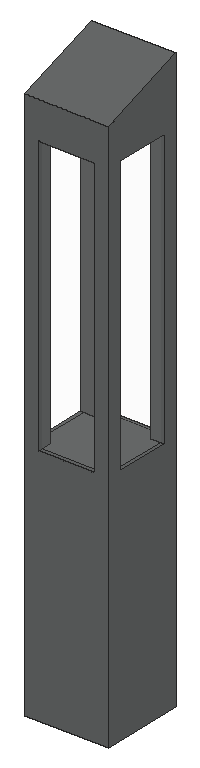
Revit family "Kick-KB6 Bollard", category Lighting Fixtures, host Face, Revit 2021
Family settings
  Host = Face
  Round Connector Dimension = Use Diameter
  Part Type = Normal
  OmniClass Number = 23.80.70.14.21
  OmniClass Title = Street and Roadway Lighting
  Cut with Voids When Loaded = No
  Light Source = Yes
  Shared = Yes
  Room Calculation Point = No
Parameters (values of type "KB6-DS-AB-1050")
  Wattage Comments = "14W & 29W"  # constant formula
  Wattage = 14 W
  Watts = 14 W
  built-in parameter 1150110 = 1 (stored number, unit not read)
  Voltage = if(Is 120V, 120 V, 270 V)  # 270 V
  URL = "https://www.currentlighting.com/aal"
  Type Comments = "Lighting Fixture"  # constant formula
  built-in parameter 1114217 = 1 (stored number, unit not read)
  Tilt Angle = 90.00°  # constant formula
  built-in parameter 1150109 = 1 (stored number, unit not read)
  built-in parameter 1150134 = 2
  built-in parameter 1150113 = 1 (stored number, unit not read)
  Product Page URL = ""
  Product Material = Metal-Black
  Product Documentation Link = ""
  Power Factor = 1
  Photometric Web File = "KB6-DS-AB-1050.ies"
  Photometric Notes = "More IES files download on below link"  # constant formula
  Model = "KicK-KB6 Bollard"  # constant formula
  Manufacturer = "Architectural Area Lighting"  # constant formula
  built-in parameter 1150105 = 20.054 (stored number, unit not read)
  Lumens = 252 lm
  built-in parameter 1150115 = 1 (stored number, unit not read)
  Load Classification = Lighting
  built-in parameter 1150137 = (empty or 0)
  built-in parameter 1150139 = (empty or 0)
  built-in parameter 1150112 = 1 (stored number, unit not read)
  built-in parameter 1150114 = 1 (stored number, unit not read)
  Lamp = "LED"  # constant formula
  Is 270V = not(Is 120V)  # yes
  Is 120V = no
  built-in parameter 1150132 = (empty or 0)
  built-in parameter 1150102 = (empty or 0)
  built-in parameter 1150107 = 5000 (stored number, unit not read)
  built-in parameter 1150138 = (empty or 0)
  built-in parameter 1150106 = 0.20054 (stored number, unit not read)
  Glass = White Glass
  Emit from Rectangle Width = 5.00"  # constant formula
  Emit from Rectangle Length = 5.00"  # constant formula
  Emit Shape Visible in Rendering = no
  built-in parameter 1150104 = 1.6723 (stored number, unit not read)
  Distribution = "Symmetric distribution, diffused lens"
  Dimming Lamp Color Temperature Shift = <None>
  Description = "KicK Bollard brings best in class performance and technology with optics capable of IES distributions or comfortable pixel free illumination. Every aspect of the bollard is both configurable and customizable, enabling it to be the ultimate low level luminaire"  # constant formula
  Default Elevation = 48.00"
  Copyright = "Copyright © Architectural Area Lighting"  # constant formula
  Contact Us = ""
  Color Filter = 16777215
  built-in parameter 1114218 = 1 (stored number, unit not read)
  built-in parameter 1150133 = 10 (stored number, unit not read)
  Assembly Code = "D5020200"
  Apparent Load = Watts / Power Factor  # 14 VA
Types (6): name | Wattage | Watts | built-in parameter 1150134 | Photometric Web File | built-in parameter 1150105 | Lumens | built-in parameter 1150107 | built-in parameter 1150106 | built-in parameter 1150104 | Distribution | Apparent Load
  (no name) | 14 W | 14 W | 2 | "KB6-DS-AB-1050.ies" | 20.054 (stored number, unit not read) | 252 lm | 5000 (stored number, unit not read) | 0.20054 (stored number, unit not read) | 1.6723 (stored number, unit not read) | "Symmetric distribution, diffused lens" | 14 VA
  KB6-Y4-2050 | 29 W | 29 W | 2 | "KB6-Y4-2050.IES" | 161.54 (stored number, unit not read) | 2030 lm | 5000 (stored number, unit not read) | 1.6154 (stored number, unit not read) | 6.5032 (stored number, unit not read) | "IES Type IV, clear lens" | 29 VA
  KB6-YD-C-2040 | 29 W | 29 W | 12 | "KB6-YD-C-2040.ies" | 34.616 (stored number, unit not read) | 435 lm | 4000 (stored number, unit not read) | 0.34616 (stored number, unit not read) | 1.3935 (stored number, unit not read) | "Symmetric distribution, diffused lens" | 29 VA
  KB6-Y5-2030 | 29 W | 29 W | (empty or 0) | "KB6-Y5-2030.IES" | 152.31 (stored number, unit not read) | 1914 lm | 3000 (stored number, unit not read) | 1.5231 (stored number, unit not read) | 6.1316 (stored number, unit not read) | "IES Type V, clear lens" | 29 VA
  KB6-Y2-C-1030 | 14 W | 14 W | (empty or 0) | "KB6-Y2-C-1030.ies" | 94.697 (stored number, unit not read) | 1190 lm | 3000 (stored number, unit not read) | 0.94697 (stored number, unit not read) | 7.8968 (stored number, unit not read) | "IES Type II, clear lens" | 14 VA
  KB6-DS-AB-1050 | 14 W | 14 W | 2 | "KB6-DS-AB-1050.ies" | 20.054 (stored number, unit not read) | 252 lm | 5000 (stored number, unit not read) | 0.20054 (stored number, unit not read) | 1.6723 (stored number, unit not read) | "Symmetric distribution, diffused lens" | 14 VA
Reference planes (in)
  plane 1 "Center (Front/Back)": y = 0
  plane 2: z = 0
  plane 3 "Center (Left/Right)": x = 0
  plane 4: z = 42
  plane 5: z = 37.25
  plane 6: z = 17.35
  plane 7: x = -2
  plane 8: x = 2
  plane 9: y = 2
  plane 10: y = -2
  plane 11: x = -3
  plane 12: x = 3
  plane 13: y = -3
  plane 14: y = 3
  plane 15: through (0, 3, 42) normal (0, -0.3256, 0.9455)
  plane 16: y = 2.75
  plane 17: y = -2.75
  plane 18: x = 2.75
  plane 19: x = -2.75
Forms (in)
  Extrusion 1, solid, material "Metal-Black" <- "Product Material"
    sketch origin (0, 0, 0) x (1, 0, 0) y (0, 1, 0)
      loop
        line (-3, 3) -> (-3, -3) -> (3, -3) -> (3, 3) -> (-3, 3)
    from 0 to 42
  Extrusion 2, void
    sketch origin (0, 0, 0) x (0, 1, 0) y (0, 0, 1)
      loop
        line (3, 42) -> (-3, 42) -> (-3, 39.93403) -> (3, 42)
    from -3 to 3
  Extrusion 3, void
    sketch origin (0, 0, 0) x (1, 0, 0) y (0, 1, 0)
      loop
        line (-3, 2) -> (-3, -2) -> (-2, -2) -> (-2, -3) -> (2, -3) -> (2, -2) -> (3, -2) -> (3, 2) -> (2, 2) -> (2, 3) -> (-2, 3) -> (-2, 2) -> (-3, 2)
    from 17.35 to 37.25
  Extrusion 4, solid, material "White Glass" <- "Glass"
    sketch origin (0, 0, 0) x (1, 0, 0) y (0, 1, 0)
      loop
        line (-2.75, 2.75) -> (-2.75, -2.75) -> (2.75, -2.75) -> (2.75, 2.75) -> (-2.75, 2.75)
    from 17.35 to 37.25
Cuts and joins
  Extrusion 2, Extrusion 3 cuts Extrusion 1
Lines and regions (in)
  reference lines
    curve 1: line (-2.84128, 0, -2.5) -> (-3.23348, 0, 1.98288)
    curve 2: line (-5.29933, 0, -0.60987) -> (5.34411, 0, -0.60987)
    curve 3: line (2.84128, 0, -2.5) -> (3.23348, 0, 1.98288)
    curve 4: line (0, 1.75, 0.125) -> (0, 1.51884, 0.35616)
    curve 5: line (0, 1.51884, 0.35616) -> (0, 0.19036, 0.75)
    curve 6: line (0, -1.08463, 0.75) -> (0, -1.75, 0.125)
Dimensions and locks (in)
  plane 4 to plane 2 = 42.00"
  equal spacing: plane 7, plane 3 "Center (Left/Right)", plane 8, locked at 2 each
  equal spacing: plane 9, plane 1 "Center (Front/Back)", plane 10, locked at 2 each
  equal spacing: plane 11, plane 3 "Center (Left/Right)", plane 12, locked at 3 each
  equal spacing: plane 13, plane 1 "Center (Front/Back)", plane 14, locked at 3 each
  aligned and locked: plane 2 to host face
  aligned and locked: level to host face
  aligned and locked: plane 7 to Extrusion 3 sketch curve  (x2)
  aligned and locked: plane 8 to Extrusion 3 sketch curve  (x2)
  aligned and locked: plane 9 to Extrusion 3 sketch curve
  aligned and locked: plane 10 to Extrusion 3 sketch curve  (x2)
  aligned and locked: Extrusion 3 sketch curve to plane 9
  aligned and locked: plane 11 to Extrusion 1 sketch curve
  aligned and locked: plane 12 to Extrusion 1 sketch curve
  aligned and locked: plane 14 to Extrusion 1 sketch curve
  aligned and locked: plane 13 to Extrusion 1 sketch curve
  aligned and locked: Extrusion 2 sketch curve to plane 13
  aligned and locked: plane 4 to Extrusion 2 sketch curve
  aligned and locked: Extrusion 2 sketch curve to plane 15
  aligned and locked: Extrusion 2 to Extrusion 1
  aligned and locked: Extrusion 1 to Extrusion 2
  aligned and locked: plane 14 to Extrusion 3 sketch curve
  aligned and locked: plane 13 to Extrusion 3 sketch curve
  aligned and locked: plane 12 to Extrusion 3 sketch curve
  aligned and locked: plane 11 to Extrusion 3 sketch curve
  aligned and locked: plane 16 to Extrusion 4 sketch curve
  aligned and locked: Extrusion 4 sketch curve to plane 17
  aligned and locked: Extrusion 4 sketch curve to plane 19
  aligned and locked: Extrusion 4 sketch curve to plane 18
Automatic sketch dimensions
  host sketch curve to host sketch curve = 96.00"  (x2)
  level to curve 5 = 0.35616"
  curve 5 to plane 1 "Center (Front/Back)" = 1.51884"
  curve 5 to plane 1 "Center (Front/Back)" = 0.19036"
  plane 1 "Center (Front/Back)" to curve 6 = 1.08463"
  level to curve 6 = 0.125"
  curve 6 to curve 6 = 0.66537"
  level to curve 4 = 0.125"
  curve 4 to curve 4 = 0.23116"
  level to curve 6 = 0.75"
  level to curve 5 = 0.75"
  curve 2 to level = 0.60987"
  curve 2 to plane 11 = 2.29933"
  curve 1 to plane 11 = 0.23348"
  plane 11 to curve 1 = 0.15872"
  plane 12 to curve 3 = 0.15872"
  curve 3 to plane 12 = 0.23348"
  curve 2 to plane 12 = 2.34411"
  curve 1 to level = 2.50"
  curve 3 to level = 2.50"
  level to curve 3 = 1.98288"
  level to curve 1 = 1.98288"
Connectors (in)
  electrical at (0, 0, 0), driven by "Load Classification", driven by "Voltage", driven by "Apparent Load", driven by "Power Factor"
    settings: on cut or joined group of Extrusion 1, Extrusion 2, Extrusion 3, index 1, voltage 270 V, apparent load 14 VA, apparent load phase1 0 VA, apparent load phase2 0 VA, apparent load phase3 0 VA, power factor 1, load classification "Lighting", number of poles 1, system type 30, power factor state 1, is connector primary yes, connector utility no, sub classification motor no, connector description "Electrical Connector"
